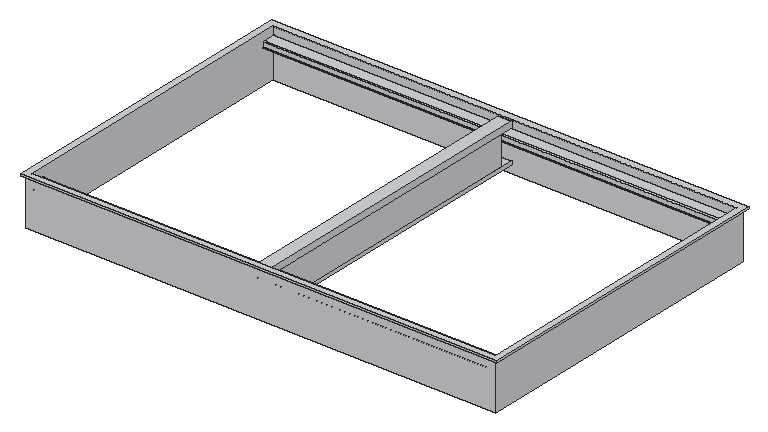
Revit family "XL-MI-G-BO", category Plumbing Fixtures, Revit 2018
Family settings
  Round Connector Dimension = Use Diameter
  Part Type = Normal
  Work Plane-Based = No
  Always vertical = Yes
  Cut with Voids When Loaded = No
  Shared = No
  Room Calculation Point = No
Parameters (values of type "XL-MI-G-BO-2-10")
  URL = "WWW.MIFAB.COM"
  Model = "XL-MI-G-BO-2-10"
  Manufacturer = "MIFAB"
  E- Height = 6.000"
  Description = "BOLT ON (FIXED) EXTENSIONS FOR XL-MI-G GREASE INTERCEPTORS"
  B- Width = 38.000"
  A-Length = 58.000"
Types (13): name | Model | B- Width | A-Length
  (no name) | "XL-MI-G-BO-2-10" | 38.000" | 58.000"
  XL-MI-G-BO-0-10 | "XL-MI-G-BO-0-10" | 28.000" | 42.000"
  XL-MI-G-BO-1-10 | "XL-MI-G-BO-1-10" | 37.000" | 55.000"
  XL-MI-G-BO-2-10 | "XL-MI-G-BO-2-10" | 38.000" | 58.000"
  XL-MI-G-BO-3-10 | "XL-MI-G-BO-3-10" | 39.000" | 61.000"
  XL-MI-G-BO-4-10 | "XL-MI-G-BO-4-10" | 44.000" | 70.000"
  XL-MI-G-BO-5-10 | "XL-MI-G-BO-5-10" | 46.000" | 75.000"
  XL-MI-G-BO-6-10 | "XL-MI-G-BO-6-10" | 49.000" | 77.000"
  XL-MI-G-BO-7-10 | "XL-MI-G-BO-7-10" | 51.000" | 80.000"
  XL-MI-G-BO-8-10 | "XL-MI-G-BO-8-10" | 56.000" | 84.000"
  XL-MI-G-BO-9-10 | "XL-MI-G-BO-9-10" | 61.000" | 92.000"
  XL-MI-G-BO-10-10 | "XL-MI-G-BO-10-10" | 74.000" | 102.000"
  XL-MI-G-BO-11-10 | "XL-MI-G-BO-11-10" | 76.000" | 108.000"
Reference planes (in)
  plane 1 "Center (Front/Back)": y = 0
  plane 2: z = 0
  plane 3 "Center (Left/Right)": x = 0
  plane 4: x = -29
  plane 5: x = 29
  plane 6: y = 19
  plane 7: y = -19
  plane 8: z = 6
  plane 9: x = -28.6063
  plane 10: x = 28.6063
  plane 11: y = -18.6063
  plane 12: y = 18.6063
  plane 13: z = 5.01575
  plane 14: z = 0.3937
Forms (in)
  Extrusion 1, solid
    sketch origin (0, 0, 0) x (1, 0, 0) y (0, 1, 0)
      loop
        line (-29, 19) -> (-29, -19) -> (29, -19) -> (29, 19) -> (-29, 19)
      loop
        line (-28.6063, 18.6063) -> (-28.6063, -18.6063) -> (28.6063, -18.6063) -> (28.6063, 18.6063) -> (-28.6063, 18.6063)
    from 0 to 6
  Sweep 2, solid
    path in 3D
      loop
        line (29, 19, 6) -> (-29, 19, 6) -> (-29, -19, 6) -> (29, -19, 6) -> (29, 19, 6)
    profile origin (29, 0, 6) x (-1, 0, 0) y (0, 0, 1)
      loop
        line (0, 0) -> (-0.3937, 0) -> (-0.3937, -0.19685) -> (0, -0.19685) -> (0, 0)
  Sweep 3, solid
    path origin (0, 0, 0) x (1, 0, 0) y (0, 1, 0)
      loop
        line (-28.6063, 18.6063) -> (28.6063, 18.6063)
    profile origin (0, 18.6063, 0) x (0, 1, 0) y (0, 0, 1)
      loop
        line (-0.119, 5.01575) -> (-1.4558, 5.01575)
        arc (-1.4558, 5.01575) -> (-1.53995, 4.98089) -> (-1.5748, 4.89675) r 0.119
        line (-1.5748, 4.89675) -> (-1.5748, 4.32225)
        arc (-1.5748, 4.32225) -> (-1.53995, 4.2381) -> (-1.4558, 4.20325) r 0.119
        line (-1.4558, 4.20325) -> (-0.119, 4.20325)
        arc (-0.119, 4.20325) -> (-0.03485, 4.2381) -> (0, 4.32225) r 0.119
        line (0, 4.32225) -> (0, 4.89675)
        arc (0, 4.89675) -> (-0.03485, 4.98089) -> (-0.119, 5.01575) r 0.119
  Sweep 4, solid
    path origin (0, 0, 0) x (1, 0, 0) y (0, -1, 0)
      loop
        line (-28.6063, 18.6063) -> (28.6063, 18.6063)
    profile origin (0, -18.6063, 0) x (0, 1, 0) y (0, 0, 1)
      loop
        arc (0.119, 5.01575) -> (0.03485, 4.98089) -> (0, 4.89675) r 0.119
        line (0, 4.89675) -> (0, 4.32225)
        arc (0, 4.32225) -> (0.03485, 4.2381) -> (0.119, 4.20325) r 0.119
        line (0.119, 4.20325) -> (1.4558, 4.20325)
        arc (1.4558, 4.20325) -> (1.53995, 4.2381) -> (1.5748, 4.32225) r 0.119
        line (1.5748, 4.32225) -> (1.5748, 4.89675)
        arc (1.5748, 4.89675) -> (1.53995, 4.98089) -> (1.4558, 5.01575) r 0.119
        line (1.4558, 5.01575) -> (0.119, 5.01575)
  Sweep 5, solid
    path origin (0, 0, 0) x (1, 0, 0) y (0, 1, 0)
      loop
        line (0, 18.6063) -> (0, -18.6063)
    profile origin (0, 0, 0) x (1, 0, 0) y (0, 0, 1)
      loop
        line (-0.7874, 5.01575) -> (0.7874, 5.01575) -> (0.7874, 5.80315) -> (-0.7874, 5.80315) -> (-0.7874, 5.01575)
      loop
        line (-0.7874, 0.92126) -> (0.7874, 0.92126) -> (0.7874, 1.3937) -> (-0.7874, 1.3937) -> (-0.7874, 0.92126)
  Extrusion 6, solid
    sketch origin (0, 0, 0) x (0, 1, 0) y (0, 0, 1)
      loop
        line (17.0315, 5.01575) -> (-17.0315, 5.01575) -> (-17.0315, 1.3937) -> (17.0315, 1.3937) -> (17.0315, 5.01575)
    from -0.7874 to 0.7874
Cuts and joins
  joined: Extrusion 1, Sweep 2
Lines and regions (in)
  sketch lines
    curve 1: line (29, -19, 6) -> (29, 19, 6)
    curve 2: line (29, 19, 6) -> (-29, 19, 6)
    curve 3: line (-29, 19, 6) -> (-29, -19, 6)
    curve 4: line (-29, -19, 6) -> (29, -19, 6)
Dimensions and locks (in)
  equal spacing: plane 4, plane 3 "Center (Left/Right)", plane 5
  "A-Length": plane 4 to plane 5
  equal spacing: plane 7, plane 1 "Center (Front/Back)", plane 6
  "B- Width": plane 7 to plane 6
  "E- Height": plane 8 to plane 2
  locked: plane 7 to plane 11 at 0.3937
  locked: plane 6 to plane 12 at 0.3937
  locked: plane 4 to plane 9 at 0.3937
  locked: plane 10 to plane 5 at 0.3937
  locked: plane 8 to Sweep 2 sketch curve at 0.19685
  locked: plane 5 to Sweep 2 sketch curve at 0.3937
  locked: plane 8 to plane 13 at 0.98425
  locked: plane 12 to Sweep 3 sketch curve at 1.5748
  locked: plane 13 to Sweep 3 sketch curve at 0.8125
  locked: plane 13 to Sweep 4 sketch curve at 0.8125
  locked: Sweep 4 sketch curve to cut or joined group of Extrusion 1, Sweep 2 at 1.5748
  locked: Sweep 5 sketch curve to Sweep 4 at 0.7874
  locked: plane 14 to plane 2 at 0.3937
  aligned and locked: level to plane 2
  aligned and locked: Extrusion 1 sketch curve to plane 4
  aligned and locked: Extrusion 1 sketch curve to plane 6
  aligned and locked: plane 5 to Extrusion 1 sketch curve
  aligned and locked: plane 7 to Extrusion 1 sketch curve
  aligned and locked: Extrusion 1 sketch curve to plane 9
  aligned and locked: Extrusion 1 sketch curve to plane 10
  aligned and locked: Extrusion 1 sketch curve to plane 12
  aligned and locked: Extrusion 1 sketch curve to plane 11
  aligned and locked: plane 8 to Extrusion 1
  aligned and locked: Extrusion 1 to level
  aligned and locked: Sweep 3 sketch curve to cut or joined group of Extrusion 1, Sweep 2
  aligned and locked: Sweep 3 sketch curve to plane 9
  aligned and locked: plane 10 to Sweep 3 sketch curve
  aligned and locked: Sweep 3 sketch curve to plane 13
  aligned and locked: Sweep 4 sketch curve to cut or joined group of Extrusion 1, Sweep 2  (x2)
  aligned and locked: cut or joined group of Extrusion 1, Sweep 2 to Sweep 4 sketch curve
  aligned and locked: Sweep 5 sketch curve to plane 3 "Center (Left/Right)"
  aligned and locked: Sweep 5 sketch curve to plane 12
  aligned and locked: plane 11 to Sweep 5 sketch curve
  aligned and locked: Sweep 5 sketch curve to plane 13
  aligned and locked: Sweep 3 to Extrusion 6 sketch curve
  aligned and locked: Extrusion 6 sketch curve to Sweep 3
  aligned and locked: Extrusion 6 sketch curve to Sweep 5
  aligned and locked: Extrusion 6 sketch curve to Sweep 4
  aligned and locked: Sweep 5 to Extrusion 6  (x2)
Automatic sketch dimensions
  Sweep 2 sketch curve to profile plane = 0.000"  (x2)
  Sweep 3 sketch curve to profile plane = 0.000"
  Sweep 3 sketch curve to Sweep 3 sketch curve = 0.119"  (x4)
  Sweep 4 sketch curve to profile plane = 0.000"
  Sweep 4 sketch curve to Sweep 4 sketch curve = 0.119"  (x4)
  Sweep 4 sketch curve to Sweep 4 sketch curve = 0.5745"
  profile plane to Sweep 5 sketch curve = 0.7874"  (x2)
  Sweep 5 sketch curve to profile plane = 0.7874"  (x2)
  level to Sweep 5 sketch curve = 1.3937"
  Sweep 5 sketch curve to Sweep 5 sketch curve = 0.47244"
